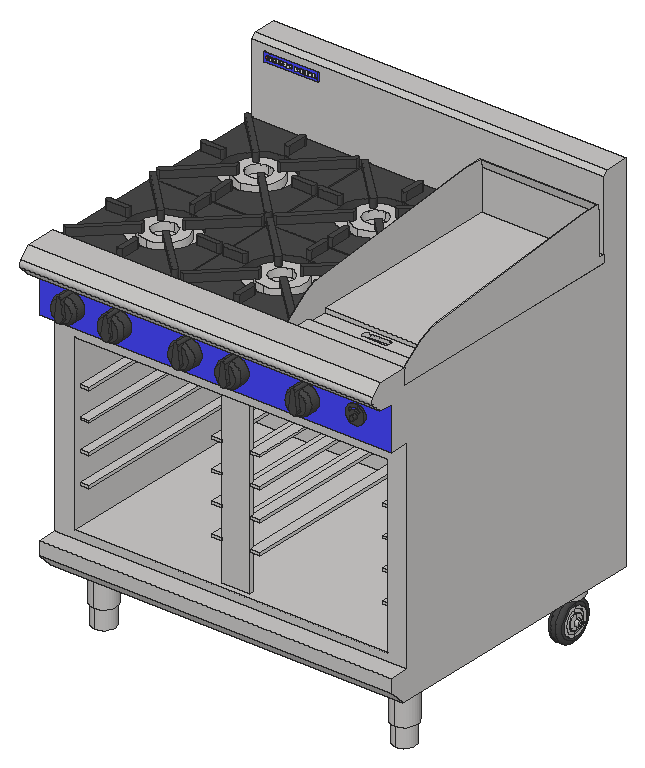
Revit family "QF_MOFFAT_BLUESEAL_CE_G516C-CB", category Specialty Equipment, Revit 2012 (continued)
Definition of nested family "GAS BURNER 600 & GRIDDLE 300"
  Definition of nested family "GAS BURNER 600"
    Forms (mm)
      Extrusion 2, solid, material "QF_Finishes_Black"
        sketch origin (0, 0, 19.5) x (0, -1, 0) y (1, 0, 0)
          loop
            spline (22.602, 15.153) -> (21.681, 13.924) -> (21.131, 12.47) -> (20.99, 10.89) -> (21.267, 9.292) -> (21.943, 7.786) -> (22.973, 6.473) -> (24.286, 5.443) -> (25.792, 4.767) -> (27.39, 4.49) -> (28.97, 4.631) -> (30.424, 5.181) -> (31.653, 6.102)
            line (31.653, 6.102) -> (139.576, 114.025)
            spline (139.576, 114.025) -> (140.337, 115.095) -> (140.738, 116.399) -> (140.751, 117.851) -> (140.375, 119.35) -> (139.637, 120.795) -> (138.586, 122.086) -> (137.295, 123.137) -> (135.85, 123.875) -> (134.351, 124.251) -> (132.899, 124.238) -> (131.595, 123.837) -> (130.525, 123.076)
            line (130.525, 123.076) -> (22.602, 15.153)
          loop
            spline (25.398, 156.4) -> (24.104, 156.182) -> (22.898, 155.543) -> (21.862, 154.525) -> (21.068, 153.2) -> (20.568, 151.656) -> (20.398, 150) -> (20.568, 148.344) -> (21.068, 146.8) -> (21.862, 145.475) -> (22.898, 144.457) -> (24.104, 143.818) -> (25.398, 143.6)
            line (25.398, 143.6) -> (74.602, 143.6)
            spline (74.602, 143.6) -> (75.896, 143.818) -> (77.102, 144.457) -> (78.138, 145.475) -> (78.932, 146.8) -> (79.432, 148.344) -> (79.602, 150) -> (79.432, 151.656) -> (78.932, 153.2) -> (78.138, 154.525) -> (77.102, 155.543) -> (75.896, 156.182) -> (74.602, 156.4)
            line (74.602, 156.4) -> (25.398, 156.4)
          loop
            spline (31.653, 293.898) -> (30.584, 294.659) -> (29.279, 295.059) -> (27.828, 295.072) -> (26.329, 294.697) -> (24.884, 293.959) -> (23.592, 292.908) -> (22.541, 291.616) -> (21.803, 290.171) -> (21.428, 288.672) -> (21.441, 287.221) -> (21.841, 285.916) -> (22.602, 284.847)
            line (22.602, 284.847) -> (130.525, 176.924)
            spline (130.525, 176.924) -> (131.595, 176.163) -> (132.899, 175.762) -> (134.351, 175.749) -> (135.85, 176.125) -> (137.295, 176.863) -> (138.586, 177.914) -> (139.637, 179.205) -> (140.375, 180.65) -> (140.751, 182.149) -> (140.738, 183.601) -> (140.337, 184.905) -> (139.576, 185.975)
            line (139.576, 185.975) -> (31.653, 293.898)
          loop
            line (160.1, 291.102) -> (160.1, 241.898)
            spline (160.1, 241.898) -> (160.318, 240.604) -> (160.957, 239.398) -> (161.975, 238.362) -> (163.3, 237.568) -> (164.844, 237.068) -> (166.5, 236.898) -> (168.156, 237.068) -> (169.7, 237.568) -> (171.025, 238.362) -> (172.043, 239.398) -> (172.682, 240.604) -> (172.9, 241.898)
            line (172.9, 241.898) -> (172.9, 291.102)
            spline (172.9, 291.102) -> (172.682, 292.396) -> (172.043, 293.602) -> (171.025, 294.638) -> (169.7, 295.432) -> (168.156, 295.932) -> (166.5, 296.102) -> (164.844, 295.932) -> (163.3, 295.432) -> (161.975, 294.638) -> (160.957, 293.602) -> (160.318, 292.396) -> (160.1, 291.102)
          loop
            spline (313.898, 284.847) -> (314.659, 285.916) -> (315.059, 287.221) -> (315.072, 288.672) -> (314.697, 290.171) -> (313.959, 291.616) -> (312.908, 292.908) -> (311.616, 293.959) -> (310.171, 294.697) -> (308.672, 295.072) -> (307.221, 295.059) -> (305.916, 294.659) -> (304.847, 293.898)
            line (304.847, 293.898) -> (193.424, 185.975)
            spline (193.424, 185.975) -> (192.663, 184.905) -> (192.262, 183.601) -> (192.249, 182.149) -> (192.625, 180.65) -> (193.363, 179.205) -> (194.414, 177.914) -> (195.705, 176.863) -> (197.15, 176.125) -> (198.649, 175.749) -> (200.101, 175.762) -> (201.405, 176.163) -> (202.475, 176.924)
            line (202.475, 176.924) -> (313.898, 284.847)
          loop
            spline (311.102, 143.6) -> (312.396, 143.818) -> (313.602, 144.457) -> (314.638, 145.475) -> (315.432, 146.8) -> (315.932, 148.344) -> (316.102, 150) -> (315.932, 151.656) -> (315.432, 153.2) -> (314.638, 154.525) -> (313.602, 155.543) -> (312.396, 156.182) -> (311.102, 156.4)
            line (311.102, 156.4) -> (261.898, 156.4)
            spline (261.898, 156.4) -> (260.604, 156.182) -> (259.398, 155.543) -> (258.362, 154.525) -> (257.568, 153.2) -> (257.068, 151.656) -> (256.898, 150) -> (257.068, 148.344) -> (257.568, 146.8) -> (258.362, 145.475) -> (259.398, 144.457) -> (260.604, 143.818) -> (261.898, 143.6)
            line (261.898, 143.6) -> (311.102, 143.6)
          loop
            line (313.898, 15.153) -> (202.475, 123.076)
            spline (202.475, 123.076) -> (201.405, 123.837) -> (200.101, 124.238) -> (198.649, 124.251) -> (197.15, 123.875) -> (195.705, 123.137) -> (194.414, 122.086) -> (193.363, 120.795) -> (192.625, 119.35) -> (192.249, 117.851) -> (192.262, 116.399) -> (192.663, 115.095) -> (193.424, 114.025)
            line (193.424, 114.025) -> (304.847, 6.102)
            spline (304.847, 6.102) -> (305.916, 5.341) -> (307.221, 4.941) -> (308.672, 4.928) -> (310.171, 5.303) -> (311.616, 6.041) -> (312.908, 7.092) -> (313.959, 8.384) -> (314.697, 9.829) -> (315.072, 11.328) -> (315.059, 12.779) -> (314.659, 14.084) -> (313.898, 15.153)
          loop
            line (172.9, 8.898) -> (172.9, 58.102)
            spline (172.9, 58.102) -> (172.682, 59.396) -> (172.043, 60.602) -> (171.025, 61.638) -> (169.7, 62.432) -> (168.156, 62.932) -> (166.5, 63.102) -> (164.844, 62.932) -> (163.3, 62.432) -> (161.975, 61.638) -> (160.957, 60.602) -> (160.318, 59.396) -> (160.1, 58.102)
            line (160.1, 58.102) -> (160.1, 8.898)
            spline (160.1, 8.898) -> (160.318, 7.604) -> (160.957, 6.398) -> (161.975, 5.362) -> (163.3, 4.568) -> (164.844, 4.068) -> (166.5, 3.898) -> (168.156, 4.068) -> (169.7, 4.568) -> (171.025, 5.362) -> (172.043, 6.398) -> (172.682, 7.604) -> (172.9, 8.898)
        from 0 to 20.5
      Extrusion 3, solid, material "QF_Finishes_Stainless Steel"
        sketch origin (0, -15.098, 0) x (0, -1, 0) y (1, 0, 0)
          loop
            circle (151.402, 150) r 57
          loop
            circle (451.402, 150) r 57
          loop
            circle (151.402, 150) r 30
          loop
            circle (451.402, 150) r 30
        from 0 to 20
      Extrusion 4, solid, material "QF_Finishes_Black"
        sketch origin (600, 0, 0) x (0, -1, 0) y (1, 0, 0)
          loop
            arc (318.5, -4) -> (317.621, -1.879) -> (315.5, -1) r 3
            line (315.5, -1) -> (3, -1)
            arc (3, -1) -> (0.879, -1.879) -> (0, -4) r 3
            line (0, -4) -> (0, -296)
            arc (0, -296) -> (0.879, -298.121) -> (3, -299) r 3
            line (3, -299) -> (315.5, -299)
            arc (315.5, -299) -> (317.621, -298.121) -> (318.5, -296) r 3
            line (318.5, -296) -> (318.5, -4)
          loop
            arc (324.5, -1) -> (322.379, -1.879) -> (321.5, -4) r 3
            line (321.5, -4) -> (321.5, -296)
            arc (321.5, -296) -> (322.379, -298.121) -> (324.5, -299) r 3
            line (324.5, -299) -> (632, -299)
            arc (632, -299) -> (634.121, -298.121) -> (635, -296) r 3
            line (635, -296) -> (635, -4)
            arc (635, -4) -> (634.121, -1.879) -> (632, -1) r 3
            line (632, -1) -> (324.5, -1)
          loop
            circle (168.5, -149.991) r 84.082
          loop
            circle (468.5, -149.991) r 84.082
        from 0 to 19.5
      Extrusion 5, solid, material "QF_Finishes_Black"
        sketch origin (600, 0, 19.5) x (0, -1, 0) y (1, 0, 0)
          loop
            line (326.102, -15.153) -> (434.025, -123.076)
            spline (434.025, -123.076) -> (435.095, -123.837) -> (436.399, -124.238) -> (437.851, -124.251) -> (439.35, -123.875) -> (440.795, -123.137) -> (442.086, -122.086) -> (443.137, -120.795) -> (443.875, -119.35) -> (444.251, -117.851) -> (444.238, -116.399) -> (443.837, -115.095) -> (443.076, -114.025)
            line (443.076, -114.025) -> (335.153, -6.102)
            spline (335.153, -6.102) -> (333.924, -5.181) -> (332.47, -4.631) -> (330.89, -4.49) -> (329.292, -4.767) -> (327.786, -5.443) -> (326.473, -6.473) -> (325.443, -7.786) -> (324.767, -9.292) -> (324.49, -10.89) -> (324.631, -12.47) -> (325.181, -13.924) -> (326.102, -15.153)
          loop
            line (328.898, -156.4) -> (378.102, -156.4)
            spline (378.102, -156.4) -> (379.396, -156.182) -> (380.602, -155.543) -> (381.638, -154.525) -> (382.432, -153.2) -> (382.932, -151.656) -> (383.102, -150) -> (382.932, -148.344) -> (382.432, -146.8) -> (381.638, -145.475) -> (380.602, -144.457) -> (379.396, -143.818) -> (378.102, -143.6)
            line (378.102, -143.6) -> (328.898, -143.6)
            spline (328.898, -143.6) -> (327.604, -143.818) -> (326.398, -144.457) -> (325.362, -145.475) -> (324.568, -146.8) -> (324.068, -148.344) -> (323.898, -150) -> (324.068, -151.656) -> (324.568, -153.2) -> (325.362, -154.525) -> (326.398, -155.543) -> (327.604, -156.182) -> (328.898, -156.4)
          loop
            line (335.153, -293.898) -> (443.076, -185.975)
            spline (443.076, -185.975) -> (443.837, -184.905) -> (444.238, -183.601) -> (444.251, -182.149) -> (443.875, -180.65) -> (443.137, -179.205) -> (442.086, -177.914) -> (440.795, -176.863) -> (439.35, -176.125) -> (437.851, -175.749) -> (436.399, -175.762) -> (435.095, -176.163) -> (434.025, -176.924)
            line (434.025, -176.924) -> (326.102, -284.847)
            spline (326.102, -284.847) -> (325.341, -285.916) -> (324.941, -287.221) -> (324.928, -288.672) -> (325.303, -290.171) -> (326.041, -291.616) -> (327.092, -292.908) -> (328.384, -293.959) -> (329.829, -294.697) -> (331.328, -295.072) -> (332.779, -295.059) -> (334.084, -294.659) -> (335.153, -293.898)
          loop
            spline (463.6, -291.102) -> (463.818, -292.396) -> (464.457, -293.602) -> (465.475, -294.638) -> (466.8, -295.432) -> (468.344, -295.932) -> (470, -296.102) -> (471.656, -295.932) -> (473.2, -295.432) -> (474.525, -294.638) -> (475.543, -293.602) -> (476.182, -292.396) -> (476.4, -291.102)
            line (476.4, -291.102) -> (476.4, -241.898)
            spline (476.4, -241.898) -> (476.182, -240.604) -> (475.543, -239.398) -> (474.525, -238.362) -> (473.2, -237.568) -> (471.656, -237.068) -> (470, -236.898) -> (468.344, -237.068) -> (466.8, -237.568) -> (465.475, -238.362) -> (464.457, -239.398) -> (463.818, -240.604) -> (463.6, -241.898)
            line (463.6, -241.898) -> (463.6, -291.102)
          loop
            line (612.398, -284.847) -> (505.975, -176.924)
            spline (505.975, -176.924) -> (504.905, -176.163) -> (503.601, -175.762) -> (502.149, -175.749) -> (500.65, -176.125) -> (499.205, -176.863) -> (497.914, -177.914) -> (496.863, -179.205) -> (496.125, -180.65) -> (495.749, -182.149) -> (495.762, -183.601) -> (496.163, -184.905) -> (496.924, -185.975)
            line (496.924, -185.975) -> (603.347, -293.898)
            spline (603.347, -293.898) -> (604.416, -294.659) -> (605.721, -295.059) -> (607.172, -295.072) -> (608.671, -294.697) -> (610.116, -293.959) -> (611.408, -292.908) -> (612.459, -291.616) -> (613.197, -290.171) -> (613.572, -288.672) -> (613.559, -287.221) -> (613.159, -285.916) -> (612.398, -284.847)
          loop
            line (609.602, -143.6) -> (561.898, -143.6)
            spline (561.898, -143.6) -> (560.604, -143.818) -> (559.398, -144.457) -> (558.362, -145.475) -> (557.568, -146.8) -> (557.068, -148.344) -> (556.898, -150) -> (557.068, -151.656) -> (557.568, -153.2) -> (558.362, -154.525) -> (559.398, -155.543) -> (560.604, -156.182) -> (561.898, -156.4)
            line (561.898, -156.4) -> (609.602, -156.4)
            spline (609.602, -156.4) -> (610.896, -156.182) -> (612.102, -155.543) -> (613.138, -154.525) -> (613.932, -153.2) -> (614.432, -151.656) -> (614.602, -150) -> (614.432, -148.344) -> (613.932, -146.8) -> (613.138, -145.475) -> (612.102, -144.457) -> (610.896, -143.818) -> (609.602, -143.6)
          loop
            spline (612.398, -15.153) -> (613.159, -14.084) -> (613.559, -12.779) -> (613.572, -11.328) -> (613.197, -9.829) -> (612.459, -8.384) -> (611.408, -7.092) -> (610.116, -6.041) -> (608.671, -5.303) -> (607.172, -4.928) -> (605.721, -4.941) -> (604.416, -5.341) -> (603.347, -6.102)
            line (603.347, -6.102) -> (496.924, -114.025)
            spline (496.924, -114.025) -> (496.163, -115.095) -> (495.762, -116.399) -> (495.749, -117.851) -> (496.125, -119.35) -> (496.863, -120.795) -> (497.914, -122.086) -> (499.205, -123.137) -> (500.65, -123.875) -> (502.149, -124.251) -> (503.601, -124.238) -> (504.905, -123.837) -> (505.975, -123.076)
            line (505.975, -123.076) -> (612.398, -15.153)
          loop
            spline (476.4, -8.898) -> (476.182, -7.604) -> (475.543, -6.398) -> (474.525, -5.362) -> (473.2, -4.568) -> (471.656, -4.068) -> (470, -3.898) -> (468.344, -4.068) -> (466.8, -4.568) -> (465.475, -5.362) -> (464.457, -6.398) -> (463.818, -7.604) -> (463.6, -8.898)
            line (463.6, -8.898) -> (463.6, -58.102)
            spline (463.6, -58.102) -> (463.818, -59.396) -> (464.457, -60.602) -> (465.475, -61.638) -> (466.8, -62.432) -> (468.344, -62.932) -> (470, -63.102) -> (471.656, -62.932) -> (473.2, -62.432) -> (474.525, -61.638) -> (475.543, -60.602) -> (476.182, -59.396) -> (476.4, -58.102)
            line (476.4, -58.102) -> (476.4, -8.898)
          loop
            line (22.602, -15.153) -> (130.525, -123.076)
            spline (130.525, -123.076) -> (131.595, -123.837) -> (132.899, -124.238) -> (134.351, -124.251) -> (135.85, -123.875) -> (137.295, -123.137) -> (138.586, -122.086) -> (139.637, -120.795) -> (140.375, -119.35) -> (140.751, -117.851) -> (140.738, -116.399) -> (140.337, -115.095) -> (139.576, -114.025)
            line (139.576, -114.025) -> (31.653, -6.102)
            spline (31.653, -6.102) -> (30.424, -5.181) -> (28.97, -4.631) -> (27.39, -4.49) -> (25.792, -4.767) -> (24.286, -5.443) -> (22.973, -6.473) -> (21.943, -7.786) -> (21.267, -9.292) -> (20.99, -10.89) -> (21.131, -12.47) -> (21.681, -13.924) -> (22.602, -15.153)
          loop
            line (25.398, -156.4) -> (74.602, -156.4)
            spline (74.602, -156.4) -> (75.896, -156.182) -> (77.102, -155.543) -> (78.138, -154.525) -> (78.932, -153.2) -> (79.432, -151.656) -> (79.602, -150) -> (79.432, -148.344) -> (78.932, -146.8) -> (78.138, -145.475) -> (77.102, -144.457) -> (75.896, -143.818) -> (74.602, -143.6)
            line (74.602, -143.6) -> (25.398, -143.6)
            spline (25.398, -143.6) -> (24.104, -143.818) -> (22.898, -144.457) -> (21.862, -145.475) -> (21.068, -146.8) -> (20.568, -148.344) -> (20.398, -150) -> (20.568, -151.656) -> (21.068, -153.2) -> (21.862, -154.525) -> (22.898, -155.543) -> (24.104, -156.182) -> (25.398, -156.4)
          loop
            line (31.653, -293.898) -> (139.576, -185.975)
            spline (139.576, -185.975) -> (140.337, -184.905) -> (140.738, -183.601) -> (140.751, -182.149) -> (140.375, -180.65) -> (139.637, -179.205) -> (138.586, -177.914) -> (137.295, -176.863) -> (135.85, -176.125) -> (134.351, -175.749) -> (132.899, -175.762) -> (131.595, -176.163) -> (130.525, -176.924)
            line (130.525, -176.924) -> (22.602, -284.847)
            spline (22.602, -284.847) -> (21.841, -285.916) -> (21.441, -287.221) -> (21.428, -288.672) -> (21.803, -290.171) -> (22.541, -291.616) -> (23.592, -292.908) -> (24.884, -293.959) -> (26.329, -294.697) -> (27.828, -295.072) -> (29.279, -295.059) -> (30.584, -294.659) -> (31.653, -293.898)
          loop
            spline (160.1, -291.102) -> (160.318, -292.396) -> (160.957, -293.602) -> (161.975, -294.638) -> (163.3, -295.432) -> (164.844, -295.932) -> (166.5, -296.102) -> (168.156, -295.932) -> (169.7, -295.432) -> (171.025, -294.638) -> (172.043, -293.602) -> (172.682, -292.396) -> (172.9, -291.102)
            line (172.9, -291.102) -> (172.9, -241.898)
            spline (172.9, -241.898) -> (172.682, -240.604) -> (172.043, -239.398) -> (171.025, -238.362) -> (169.7, -237.568) -> (168.156, -237.068) -> (166.5, -236.898) -> (164.844, -237.068) -> (163.3, -237.568) -> (161.975, -238.362) -> (160.957, -239.398) -> (160.318, -240.604) -> (160.1, -241.898)
            line (160.1, -241.898) -> (160.1, -291.102)
          loop
            line (313.898, -284.847) -> (202.475, -176.924)
            spline (202.475, -176.924) -> (201.405, -176.163) -> (200.101, -175.762) -> (198.649, -175.749) -> (197.15, -176.125) -> (195.705, -176.863) -> (194.414, -177.914) -> (193.363, -179.205) -> (192.625, -180.65) -> (192.249, -182.149) -> (192.262, -183.601) -> (192.663, -184.905) -> (193.424, -185.975)
            line (193.424, -185.975) -> (304.847, -293.898)
            spline (304.847, -293.898) -> (305.916, -294.659) -> (307.221, -295.059) -> (308.672, -295.072) -> (310.171, -294.697) -> (311.616, -293.959) -> (312.908, -292.908) -> (313.959, -291.616) -> (314.697, -290.171) -> (315.072, -288.672) -> (315.059, -287.221) -> (314.659, -285.916) -> (313.898, -284.847)
          loop
            line (311.102, -143.6) -> (261.898, -143.6)
            spline (261.898, -143.6) -> (260.604, -143.818) -> (259.398, -144.457) -> (258.362, -145.475) -> (257.568, -146.8) -> (257.068, -148.344) -> (256.898, -150) -> (257.068, -151.656) -> (257.568, -153.2) -> (258.362, -154.525) -> (259.398, -155.543) -> (260.604, -156.182) -> (261.898, -156.4)
            line (261.898, -156.4) -> (311.102, -156.4)
            spline (311.102, -156.4) -> (312.396, -156.182) -> (313.602, -155.543) -> (314.638, -154.525) -> (315.432, -153.2) -> (315.932, -151.656) -> (316.102, -150) -> (315.932, -148.344) -> (315.432, -146.8) -> (314.638, -145.475) -> (313.602, -144.457) -> (312.396, -143.818) -> (311.102, -143.6)
          loop
            spline (313.898, -15.153) -> (314.659, -14.084) -> (315.059, -12.779) -> (315.072, -11.328) -> (314.697, -9.829) -> (313.959, -8.384) -> (312.908, -7.092) -> (311.616, -6.041) -> (310.171, -5.303) -> (308.672, -4.928) -> (307.221, -4.941) -> (305.916, -5.341) -> (304.847, -6.102)
            line (304.847, -6.102) -> (193.424, -114.025)
            spline (193.424, -114.025) -> (192.663, -115.095) -> (192.262, -116.399) -> (192.249, -117.851) -> (192.625, -119.35) -> (193.363, -120.795) -> (194.414, -122.086) -> (195.705, -123.137) -> (197.15, -123.875) -> (198.649, -124.251) -> (200.101, -124.238) -> (201.405, -123.837) -> (202.475, -123.076)
            line (202.475, -123.076) -> (313.898, -15.153)
          loop
            spline (172.9, -8.898) -> (172.682, -7.604) -> (172.043, -6.398) -> (171.025, -5.362) -> (169.7, -4.568) -> (168.156, -4.068) -> (166.5, -3.898) -> (164.844, -4.068) -> (163.3, -4.568) -> (161.975, -5.362) -> (160.957, -6.398) -> (160.318, -7.604) -> (160.1, -8.898)
            line (160.1, -8.898) -> (160.1, -58.102)
            spline (160.1, -58.102) -> (160.318, -59.396) -> (160.957, -60.602) -> (161.975, -61.638) -> (163.3, -62.432) -> (164.844, -62.932) -> (166.5, -63.102) -> (168.156, -62.932) -> (169.7, -62.432) -> (171.025, -61.638) -> (172.043, -60.602) -> (172.682, -59.396) -> (172.9, -58.102)
            line (172.9, -58.102) -> (172.9, -8.898)
        from 0 to 20.5
      Extrusion 6, solid, material "QF_Finishes_Stainless Steel"
        sketch origin (600, -15.098, 0) x (0, -1, 0) y (1, 0, 0)
          loop
            circle (151.402, -150) r 57
          loop
            circle (451.402, -150) r 57
          loop
            circle (151.402, -150) r 30
          loop
            circle (451.402, -150) r 30
        from 0 to 20
    Lines and regions (mm)
      symbolic lines
        curve 1: line (284.847, -22.602, 0) -> (176.924, -130.525, 0)
        curve 2: spline (176.924, -130.525, 0) -> (176.163, -131.595, 0) -> (175.762, -132.899, 0) -> (175.749, -134.351, 0) -> (176.125, -135.85, 0) -> (176.863, -137.295, 0) -> (177.914, -138.586, 0) -> (179.205, -139.637, 0) -> (180.65, -140.375, 0) -> (182.149, -140.751, 0) -> (183.601, -140.738, 0) -> (184.905, -140.337, 0) -> (185.975, -139.576, 0)
        curve 3: line (185.975, -139.576, 0) -> (293.898, -31.653, 0)
        curve 4: spline (293.898, -31.653, 0) -> (294.659, -30.584, 0) -> (295.059, -29.279, 0) -> (295.072, -27.828, 0) -> (294.697, -26.329, 0) -> (293.959, -24.884, 0) -> (292.908, -23.592, 0) -> (291.616, -22.541, 0) -> (290.171, -21.803, 0) -> (288.672, -21.428, 0) -> (287.221, -21.441, 0) -> (285.916, -21.841, 0) -> (284.847, -22.602, 0)
        curve 5: line (291.102, -160.1, 0) -> (241.898, -160.1, 0)
        curve 6: spline (241.898, -160.1, 0) -> (240.604, -160.318, 0) -> (239.398, -160.957, 0) -> (238.362, -161.975, 0) -> (237.568, -163.3, 0) -> (237.068, -164.844, 0) -> (236.898, -166.5, 0) -> (237.068, -168.156, 0) -> (237.568, -169.7, 0) -> (238.362, -171.025, 0) -> (239.398, -172.043, 0) -> (240.604, -172.682, 0) -> (241.898, -172.9, 0)
        curve 7: line (241.898, -172.9, 0) -> (291.102, -172.9, 0)
        curve 8: spline (291.102, -172.9, 0) -> (292.396, -172.682, 0) -> (293.602, -172.043, 0) -> (294.638, -171.025, 0) -> (295.432, -169.7, 0) -> (295.932, -168.156, 0) -> (296.102, -166.5, 0) -> (295.932, -164.844, 0) -> (295.432, -163.3, 0) -> (294.638, -161.975, 0) -> (293.602, -160.957, 0) -> (292.396, -160.318, 0) -> (291.102, -160.1, 0)
        curve 9: line (306.102, -31.653, 0) -> (414.025, -139.576, 0)
        curve 10: spline (414.025, -139.576, 0) -> (415.095, -140.337, 0) -> (416.399, -140.738, 0) -> (417.851, -140.751, 0) -> (419.35, -140.375, 0) -> (420.795, -139.637, 0) -> (422.086, -138.586, 0) -> (423.137, -137.295, 0) -> (423.875, -135.85, 0) -> (424.251, -134.351, 0) -> (424.238, -132.899, 0) -> (423.837, -131.595, 0) -> (423.076, -130.525, 0)
        curve 11: line (423.076, -130.525, 0) -> (315.153, -22.602, 0)
        curve 12: spline (315.153, -22.602, 0) -> (314.084, -21.841, 0) -> (312.779, -21.441, 0) -> (311.328, -21.428, 0) -> (309.829, -21.803, 0) -> (308.384, -22.541, 0) -> (307.092, -23.592, 0) -> (306.041, -24.884, 0) -> (305.303, -26.329, 0) -> (304.928, -27.828, 0) -> (304.941, -29.279, 0) -> (305.341, -30.584, 0) -> (306.102, -31.653, 0)
        curve 13: line (443.6, -25.398, 0) -> (443.6, -74.602, 0)
        curve 14: spline (443.6, -74.602, 0) -> (443.818, -75.896, 0) -> (444.457, -77.102, 0) -> (445.475, -78.138, 0) -> (446.8, -78.932, 0) -> (448.344, -79.432, 0) -> (450, -79.602, 0) -> (451.656, -79.432, 0) -> (453.2, -78.932, 0) -> (454.525, -78.138, 0) -> (455.543, -77.102, 0) -> (456.182, -75.896, 0) -> (456.4, -74.602, 0)
        curve 15: line (456.4, -74.602, 0) -> (456.4, -25.398, 0)
        curve 16: spline (456.4, -25.398, 0) -> (456.182, -24.104, 0) -> (455.543, -22.898, 0) -> (454.525, -21.862, 0) -> (453.2, -21.068, 0) -> (451.656, -20.568, 0) -> (450, -20.398, 0) -> (448.344, -20.568, 0) -> (446.8, -21.068, 0) -> (445.475, -21.862, 0) -> (444.457, -22.898, 0) -> (443.818, -24.104, 0) -> (443.6, -25.398, 0)
        curve 17: line (584.847, -22.602, 0) -> (476.924, -130.525, 0)
        curve 18: spline (476.924, -130.525, 0) -> (476.163, -131.595, 0) -> (475.762, -132.899, 0) -> (475.749, -134.351, 0) -> (476.125, -135.85, 0) -> (476.863, -137.295, 0) -> (477.914, -138.586, 0) -> (479.205, -139.637, 0) -> (480.65, -140.375, 0) -> (482.149, -140.751, 0) -> (483.601, -140.738, 0) -> (484.905, -140.337, 0) -> (485.975, -139.576, 0)
        curve 19: line (485.975, -139.576, 0) -> (593.898, -31.653, 0)
        curve 20: spline (593.898, -31.653, 0) -> (594.819, -30.424, 0) -> (595.369, -28.97, 0) -> (595.51, -27.39, 0) -> (595.233, -25.792, 0) -> (594.557, -24.286, 0) -> (593.527, -22.973, 0) -> (592.214, -21.943, 0) -> (590.708, -21.267, 0) -> (589.11, -20.99, 0) -> (587.53, -21.131, 0) -> (586.076, -21.681, 0) -> (584.847, -22.602, 0)
        curve 21: line (591.102, -160.1, 0) -> (541.898, -160.1, 0)
        curve 22: spline (541.898, -160.1, 0) -> (540.604, -160.318, 0) -> (539.398, -160.957, 0) -> (538.362, -161.975, 0) -> (537.568, -163.3, 0) -> (537.068, -164.844, 0) -> (536.898, -166.5, 0) -> (537.068, -168.156, 0) -> (537.568, -169.7, 0) -> (538.362, -171.025, 0) -> (539.398, -172.043, 0) -> (540.604, -172.682, 0) -> (541.898, -172.9, 0)
        curve 23: line (541.898, -172.9, 0) -> (591.102, -172.9, 0)
        curve 24: spline (591.102, -172.9, 0) -> (592.396, -172.682, 0) -> (593.602, -172.043, 0) -> (594.638, -171.025, 0) -> (595.432, -169.7, 0) -> (595.932, -168.156, 0) -> (596.102, -166.5, 0) -> (595.932, -164.844, 0) -> (595.432, -163.3, 0) -> (594.638, -161.975, 0) -> (593.602, -160.957, 0) -> (592.396, -160.318, 0) -> (591.102, -160.1, 0)
        curve 25: line (593.898, -304.847, 0) -> (485.975, -193.424, 0)
        curve 26: spline (485.975, -193.424, 0) -> (484.905, -192.663, 0) -> (483.601, -192.262, 0) -> (482.149, -192.249, 0) -> (480.65, -192.625, 0) -> (479.205, -193.363, 0) -> (477.914, -194.414, 0) -> (476.863, -195.705, 0) -> (476.125, -197.15, 0) -> (475.749, -198.649, 0) -> (475.762, -200.101, 0) -> (476.163, -201.405, 0) -> (476.924, -202.475, 0)
        curve 27: line (476.924, -202.475, 0) -> (584.847, -313.898, 0)
        curve 28: spline (584.847, -313.898, 0) -> (585.916, -314.659, 0) -> (587.221, -315.059, 0) -> (588.672, -315.072, 0) -> (590.171, -314.697, 0) -> (591.616, -313.959, 0) -> (592.908, -312.908, 0) -> (593.959, -311.616, 0) -> (594.697, -310.171, 0) -> (595.072, -308.672, 0) -> (595.059, -307.221, 0) -> (594.659, -305.916, 0) -> (593.898, -304.847, 0)
        curve 29: arc (450, -223.5, 0) -> (468.725, -220.336, 0) -> (485.372, -211.197, 0) r 57
        curve 30: arc (450, -109.5, 0) -> (431.183, -112.696, 0) -> (414.475, -121.924, 0) r 57
        curve 31: arc (450.009, -84.418, 0) -> (478.534, -89.404, 0) -> (503.676, -103.773, 0) r 84.082
        curve 32: arc (450.009, -252.582, 0) -> (420.453, -247.216, 0) -> (394.669, -231.803, 0) r 84.082
        curve 33: arc (450, -136.5, 0) -> (480, -166.5, 0) -> (450, -196.5, 0) r 30
        curve 34: arc (450, -196.5, 0) -> (420, -166.5, 0) -> (450, -136.5, 0) r 30
        curve 35: arc (150, -223.5, 0) -> (168.725, -220.336, 0) -> (185.372, -211.197, 0) r 57
        curve 36: arc (150, -109.5, 0) -> (131.183, -112.696, 0) -> (114.475, -121.924, 0) r 57
        curve 37: arc (149.991, -84.418, 0) -> (178.523, -89.406, 0) -> (203.668, -103.781, 0) r 84.082
        curve 38: arc (149.991, -252.582, 0) -> (120.441, -247.219, 0) -> (94.661, -231.812, 0) r 84.082
        curve 39: line (156.4, -74.602, 0) -> (156.4, -25.398, 0)
        curve 40: spline (156.4, -25.398, 0) -> (156.182, -24.104, 0) -> (155.543, -22.898, 0) -> (154.525, -21.862, 0) -> (153.2, -21.068, 0) -> (151.656, -20.568, 0) -> (150, -20.398, 0) -> (148.344, -20.568, 0) -> (146.8, -21.068, 0) -> (145.475, -21.862, 0) -> (144.457, -22.898, 0) -> (143.818, -24.104, 0) -> (143.6, -25.398, 0)
        curve 41: line (143.6, -25.398, 0) -> (143.6, -74.602, 0)
        curve 42: spline (143.6, -74.602, 0) -> (143.818, -75.896, 0) -> (144.457, -77.102, 0) -> (145.475, -78.138, 0) -> (146.8, -78.932, 0) -> (148.344, -79.432, 0) -> (150, -79.602, 0) -> (151.656, -79.432, 0) -> (153.2, -78.932, 0) -> (154.525, -78.138, 0) -> (155.543, -77.102, 0) -> (156.182, -75.896, 0) -> (156.4, -74.602, 0)
        curve 43: line (358.102, -160.1, 0) -> (308.898, -160.1, 0)
        curve 44: spline (308.898, -160.1, 0) -> (307.604, -160.318, 0) -> (306.398, -160.957, 0) -> (305.362, -161.975, 0) -> (304.568, -163.3, 0) -> (304.068, -164.844, 0) -> (303.898, -166.5, 0) -> (304.068, -168.156, 0) -> (304.568, -169.7, 0) -> (305.362, -171.025, 0) -> (306.398, -172.043, 0) -> (307.604, -172.682, 0) -> (308.898, -172.9, 0)
        curve 45: line (308.898, -172.9, 0) -> (358.102, -172.9, 0)
        curve 46: spline (358.102, -172.9, 0) -> (359.396, -172.682, 0) -> (360.602, -172.043, 0) -> (361.638, -171.025, 0) -> (362.432, -169.7, 0) -> (362.932, -168.156, 0) -> (363.102, -166.5, 0) -> (362.932, -164.844, 0) -> (362.432, -163.3, 0) -> (361.638, -161.975, 0) -> (360.602, -160.957, 0) -> (359.396, -160.318, 0) -> (358.102, -160.1, 0)
        curve 47: line (414.025, -193.424, 0) -> (306.102, -304.847, 0)
        curve 48: spline (306.102, -304.847, 0) -> (305.341, -305.916, 0) -> (304.941, -307.221, 0) -> (304.928, -308.672, 0) -> (305.303, -310.171, 0) -> (306.041, -311.616, 0) -> (307.092, -312.908, 0) -> (308.384, -313.959, 0) -> (309.829, -314.697, 0) -> (311.328, -315.072, 0) -> (312.779, -315.059, 0) -> (314.084, -314.659, 0) -> (315.153, -313.898, 0)
        curve 49: line (315.153, -313.898, 0) -> (423.076, -202.475, 0)
        curve 50: spline (423.076, -202.475, 0) -> (423.837, -201.405, 0) -> (424.238, -200.101, 0) -> (424.251, -198.649, 0) -> (423.875, -197.15, 0) -> (423.137, -195.705, 0) -> (422.086, -194.414, 0) -> (420.795, -193.363, 0) -> (419.35, -192.625, 0) -> (417.851, -192.249, 0) -> (416.399, -192.262, 0) -> (415.095, -192.663, 0) -> (414.025, -193.424, 0)
        curve 51: line (456.4, -311.102, 0) -> (456.4, -261.898, 0)
        curve 52: spline (456.4, -261.898, 0) -> (456.182, -260.604, 0) -> (455.543, -259.398, 0) -> (454.525, -258.362, 0) -> (453.2, -257.568, 0) -> (451.656, -257.068, 0) -> (450, -256.898, 0) -> (448.344, -257.068, 0) -> (446.8, -257.568, 0) -> (445.475, -258.362, 0) -> (444.457, -259.398, 0) -> (443.818, -260.604, 0) -> (443.6, -261.898, 0)
        curve 53: line (443.6, -261.898, 0) -> (443.6, -311.102, 0)
        curve 54: spline (443.6, -311.102, 0) -> (443.818, -312.396, 0) -> (444.457, -313.602, 0) -> (445.475, -314.638, 0) -> (446.8, -315.432, 0) -> (448.344, -315.932, 0) -> (450, -316.102, 0) -> (451.656, -315.932, 0) -> (453.2, -315.432, 0) -> (454.525, -314.638, 0) -> (455.543, -313.602, 0) -> (456.182, -312.396, 0) -> (456.4, -311.102, 0)
        curve 55: line (596, 0, 0) -> (304, 0, 0)
        curve 56: arc (304, 0, 0) -> (301.879, -0.879, 0) -> (301, -3, 0) r 3
        curve 57: line (301, -3, 0) -> (301, -315.5, 0)
        curve 58: arc (301, -315.5, 0) -> (301.879, -317.621, 0) -> (304, -318.5, 0) r 3
        curve 59: line (304, -318.5, 0) -> (596, -318.5, 0)
        curve 60: arc (596, -318.5, 0) -> (598.121, -317.621, 0) -> (599, -315.5, 0) r 3
        curve 61: line (599, -315.5, 0) -> (599, -3, 0)
        curve 62: arc (599, -3, 0) -> (598.121, -0.879, 0) -> (596, 0, 0) r 3
        curve 63: line (296, 0, 0) -> (4, 0, 0)
        curve 64: arc (4, 0, 0) -> (1.879, -0.879, 0) -> (1, -3, 0) r 3
        curve 65: line (1, -3, 0) -> (1, -315.5, 0)
        curve 66: arc (1, -315.5, 0) -> (1.879, -317.621, 0) -> (4, -318.5, 0) r 3
        curve 67: line (4, -318.5, 0) -> (296, -318.5, 0)
        curve 68: arc (296, -318.5, 0) -> (298.121, -317.621, 0) -> (299, -315.5, 0) r 3
        curve 69: line (299, -315.5, 0) -> (299, -3, 0)
        curve 70: arc (299, -3, 0) -> (298.121, -0.879, 0) -> (296, 0, 0) r 3
        curve 71: line (296, -321.5, 0) -> (4, -321.5, 0)
        curve 72: arc (4, -321.5, 0) -> (1.879, -322.379, 0) -> (1, -324.5, 0) r 3
        curve 73: line (1, -324.5, 0) -> (1, -632, 0)
        curve 74: arc (1, -632, 0) -> (1.879, -634.121, 0) -> (4, -635, 0) r 3
        curve 75: line (4, -635, 0) -> (296, -635, 0)
        curve 76: arc (296, -635, 0) -> (298.121, -634.121, 0) -> (299, -632, 0) r 3
        curve 77: line (299, -632, 0) -> (299, -324.5, 0)
        curve 78: arc (299, -324.5, 0) -> (298.121, -322.379, 0) -> (296, -321.5, 0) r 3
        curve 79: line (596, -321.5, 0) -> (304, -321.5, 0)
        curve 80: arc (304, -321.5, 0) -> (301.879, -322.379, 0) -> (301, -324.5, 0) r 3
        curve 81: line (301, -324.5, 0) -> (301, -632, 0)
        curve 82: arc (301, -632, 0) -> (301.879, -634.121, 0) -> (304, -635, 0) r 3
        curve 83: line (304, -635, 0) -> (596, -635, 0)
        curve 84: arc (596, -635, 0) -> (598.121, -634.121, 0) -> (599, -632, 0) r 3
        curve 85: line (599, -632, 0) -> (599, -324.5, 0)
        curve 86: arc (599, -324.5, 0) -> (598.121, -322.379, 0) -> (596, -321.5, 0) r 3
        curve 87: line (293.898, -304.847, 0) -> (185.975, -193.424, 0)
        curve 88: spline (185.975, -193.424, 0) -> (184.905, -192.663, 0) -> (183.601, -192.262, 0) -> (182.149, -192.249, 0) -> (180.65, -192.625, 0) -> (179.205, -193.363, 0) -> (177.914, -194.414, 0) -> (176.863, -195.705, 0) -> (176.125, -197.15, 0) -> (175.749, -198.649, 0) -> (175.762, -200.101, 0) -> (176.163, -201.405, 0) -> (176.924, -202.475, 0)
        curve 89: line (176.924, -202.475, 0) -> (284.847, -313.898, 0)
        curve 90: spline (284.847, -313.898, 0) -> (285.916, -314.659, 0) -> (287.221, -315.059, 0) -> (288.672, -315.072, 0) -> (290.171, -314.697, 0) -> (291.616, -313.959, 0) -> (292.908, -312.908, 0) -> (293.959, -311.616, 0) -> (294.697, -310.171, 0) -> (295.072, -308.672, 0) -> (295.059, -307.221, 0) -> (294.659, -305.916, 0) -> (293.898, -304.847, 0)
        curve 91: line (15.153, -313.898, 0) -> (123.076, -202.475, 0)
        curve 92: spline (123.076, -202.475, 0) -> (123.837, -201.405, 0) -> (124.238, -200.101, 0) -> (124.251, -198.649, 0) -> (123.875, -197.15, 0) -> (123.137, -195.705, 0) -> (122.086, -194.414, 0) -> (120.795, -193.363, 0) -> (119.35, -192.625, 0) -> (117.851, -192.249, 0) -> (116.399, -192.262, 0) -> (115.095, -192.663, 0) -> (114.025, -193.424, 0)
        curve 93: line (114.025, -193.424, 0) -> (6.102, -304.847, 0)
        curve 94: spline (6.102, -304.847, 0) -> (5.341, -305.916, 0) -> (4.941, -307.221, 0) -> (4.928, -308.672, 0) -> (5.303, -310.171, 0) -> (6.041, -311.616, 0) -> (7.092, -312.908, 0) -> (8.384, -313.959, 0) -> (9.829, -314.697, 0) -> (11.328, -315.072, 0) -> (12.779, -315.059, 0) -> (14.084, -314.659, 0) -> (15.153, -313.898, 0)
        curve 95: line (8.898, -172.9, 0) -> (58.102, -172.9, 0)
        curve 96: spline (58.102, -172.9, 0) -> (59.396, -172.682, 0) -> (60.602, -172.043, 0) -> (61.638, -171.025, 0) -> (62.432, -169.7, 0) -> (62.932, -168.156, 0) -> (63.102, -166.5, 0) -> (62.932, -164.844, 0) -> (62.432, -163.3, 0) -> (61.638, -161.975, 0) -> (60.602, -160.957, 0) -> (59.396, -160.318, 0) -> (58.102, -160.1, 0)
        curve 97: line (58.102, -160.1, 0) -> (8.898, -160.1, 0)
        curve 98: spline (8.898, -160.1, 0) -> (7.604, -160.318, 0) -> (6.398, -160.957, 0) -> (5.362, -161.975, 0) -> (4.568, -163.3, 0) -> (4.068, -164.844, 0) -> (3.898, -166.5, 0) -> (4.068, -168.156, 0) -> (4.568, -169.7, 0) -> (5.362, -171.025, 0) -> (6.398, -172.043, 0) -> (7.604, -172.682, 0) -> (8.898, -172.9, 0)
        curve 99: line (6.102, -31.653, 0) -> (114.025, -139.576, 0)
        curve 100: spline (114.025, -139.576, 0) -> (115.095, -140.337, 0) -> (116.399, -140.738, 0) -> (117.851, -140.751, 0) -> (119.35, -140.375, 0) -> (120.795, -139.637, 0) -> (122.086, -138.586, 0) -> (123.137, -137.295, 0) -> (123.875, -135.85, 0) -> (124.251, -134.351, 0) -> (124.238, -132.899, 0) -> (123.837, -131.595, 0) -> (123.076, -130.525, 0)
        curve 101: line (123.076, -130.525, 0) -> (15.153, -22.602, 0)
        curve 102: spline (15.153, -22.602, 0) -> (13.924, -21.681, 0) -> (12.47, -21.131, 0) -> (10.89, -20.99, 0) -> (9.292, -21.267, 0) -> (7.786, -21.943, 0) -> (6.473, -22.973, 0) -> (5.443, -24.286, 0) -> (4.767, -25.792, 0) -> (4.49, -27.39, 0) -> (4.631, -28.97, 0) -> (5.181, -30.424, 0) -> (6.102, -31.653, 0)
        curve 103: arc (150, -136.5, 0) -> (180, -166.5, 0) -> (150, -196.5, 0) r 30
        curve 104: arc (150, -196.5, 0) -> (120, -166.5, 0) -> (150, -136.5, 0) r 30
        curve 105: line (156.4, -311.102, 0) -> (156.4, -261.898, 0)
        curve 106: spline (156.4, -261.898, 0) -> (156.182, -260.604, 0) -> (155.543, -259.398, 0) -> (154.525, -258.362, 0) -> (153.2, -257.568, 0) -> (151.656, -257.068, 0) -> (150, -256.898, 0) -> (148.344, -257.068, 0) -> (146.8, -257.568, 0) -> (145.475, -258.362, 0) -> (144.457, -259.398, 0) -> (143.818, -260.604, 0) -> (143.6, -261.898, 0)
        curve 107: line (143.6, -261.898, 0) -> (143.6, -311.102, 0)
        curve 108: spline (143.6, -311.102, 0) -> (143.818, -312.396, 0) -> (144.457, -313.602, 0) -> (145.475, -314.638, 0) -> (146.8, -315.432, 0) -> (148.344, -315.932, 0) -> (150, -316.102, 0) -> (151.656, -315.932, 0) -> (153.2, -315.432, 0) -> (154.525, -314.638, 0) -> (155.543, -313.602, 0) -> (156.182, -312.396, 0) -> (156.4, -311.102, 0)
        curve 109: line (156.4, -378.102, 0) -> (156.4, -328.898, 0)
        curve 110: spline (156.4, -328.898, 0) -> (156.182, -327.604, 0) -> (155.543, -326.398, 0) -> (154.525, -325.362, 0) -> (153.2, -324.568, 0) -> (151.656, -324.068, 0) -> (150, -323.898, 0) -> (148.344, -324.068, 0) -> (146.8, -324.568, 0) -> (145.475, -325.362, 0) -> (144.457, -326.398, 0) -> (143.818, -327.604, 0) -> (143.6, -328.898, 0)
        curve 111: line (143.6, -328.898, 0) -> (143.6, -378.102, 0)
        curve 112: spline (143.6, -378.102, 0) -> (143.818, -379.396, 0) -> (144.457, -380.602, 0) -> (145.475, -381.638, 0) -> (146.8, -382.432, 0) -> (148.344, -382.932, 0) -> (150, -383.102, 0) -> (151.656, -382.932, 0) -> (153.2, -382.432, 0) -> (154.525, -381.638, 0) -> (155.543, -380.602, 0) -> (156.182, -379.396, 0) -> (156.4, -378.102, 0)
        curve 113: line (284.847, -326.102, 0) -> (176.924, -434.025, 0)
        curve 114: spline (176.924, -434.025, 0) -> (176.163, -435.095, 0) -> (175.762, -436.399, 0) -> (175.749, -437.851, 0) -> (176.125, -439.35, 0) -> (176.863, -440.795, 0) -> (177.914, -442.086, 0) -> (179.205, -443.137, 0) -> (180.65, -443.875, 0) -> (182.149, -444.251, 0) -> (183.601, -444.238, 0) -> (184.905, -443.837, 0) -> (185.975, -443.076, 0)
        curve 115: line (185.975, -443.076, 0) -> (293.898, -335.153, 0)
        curve 116: spline (293.898, -335.153, 0) -> (294.659, -334.084, 0) -> (295.059, -332.779, 0) -> (295.072, -331.328, 0) -> (294.697, -329.829, 0) -> (293.959, -328.384, 0) -> (292.908, -327.092, 0) -> (291.616, -326.041, 0) -> (290.171, -325.303, 0) -> (288.672, -324.928, 0) -> (287.221, -324.941, 0) -> (285.916, -325.341, 0) -> (284.847, -326.102, 0)
        curve 117: line (123.076, -434.025, 0) -> (15.153, -326.102, 0)
        curve 118: spline (15.153, -326.102, 0) -> (13.924, -325.181, 0) -> (12.47, -324.631, 0) -> (10.89, -324.49, 0) -> (9.292, -324.767, 0) -> (7.786, -325.443, 0) -> (6.473, -326.473, 0) -> (5.443, -327.786, 0) -> (4.767, -329.292, 0) -> (4.49, -330.89, 0) -> (4.631, -332.47, 0) -> (5.181, -333.924, 0) -> (6.102, -335.153, 0)
        curve 119: line (6.102, -335.153, 0) -> (114.025, -443.076, 0)
        curve 120: spline (114.025, -443.076, 0) -> (115.095, -443.837, 0) -> (116.399, -444.238, 0) -> (117.851, -444.251, 0) -> (119.35, -443.875, 0) -> (120.795, -443.137, 0) -> (122.086, -442.086, 0) -> (123.137, -440.795, 0) -> (123.875, -439.35, 0) -> (124.251, -437.851, 0) -> (124.238, -436.399, 0) -> (123.837, -435.095, 0) -> (123.076, -434.025, 0)
        curve 121: line (58.102, -463.6, 0) -> (8.898, -463.6, 0)
        curve 122: spline (8.898, -463.6, 0) -> (7.604, -463.818, 0) -> (6.398, -464.457, 0) -> (5.362, -465.475, 0) -> (4.568, -466.8, 0) -> (4.068, -468.344, 0) -> (3.898, -470, 0) -> (4.068, -471.656, 0) -> (4.568, -473.2, 0) -> (5.362, -474.525, 0) -> (6.398, -475.543, 0) -> (7.604, -476.182, 0) -> (8.898, -476.4, 0)
        curve 123: line (8.898, -476.4, 0) -> (58.102, -476.4, 0)
        curve 124: spline (58.102, -476.4, 0) -> (59.396, -476.182, 0) -> (60.602, -475.543, 0) -> (61.638, -474.525, 0) -> (62.432, -473.2, 0) -> (62.932, -471.656, 0) -> (63.102, -470, 0) -> (62.932, -468.344, 0) -> (62.432, -466.8, 0) -> (61.638, -465.475, 0) -> (60.602, -464.457, 0) -> (59.396, -463.818, 0) -> (58.102, -463.6, 0)
        curve 125: line (114.025, -496.924, 0) -> (6.102, -603.347, 0)
        curve 126: spline (6.102, -603.347, 0) -> (5.341, -604.416, 0) -> (4.941, -605.721, 0) -> (4.928, -607.172, 0) -> (5.303, -608.671, 0) -> (6.041, -610.116, 0) -> (7.092, -611.408, 0) -> (8.384, -612.459, 0) -> (9.829, -613.197, 0) -> (11.328, -613.572, 0) -> (12.779, -613.559, 0) -> (14.084, -613.159, 0) -> (15.153, -612.398, 0)
        curve 127: line (15.153, -612.398, 0) -> (123.076, -505.975, 0)
        curve 128: spline (123.076, -505.975, 0) -> (123.837, -504.905, 0) -> (124.238, -503.601, 0) -> (124.251, -502.149, 0) -> (123.875, -500.65, 0) -> (123.137, -499.205, 0) -> (122.086, -497.914, 0) -> (120.795, -496.863, 0) -> (119.35, -496.125, 0) -> (117.851, -495.749, 0) -> (116.399, -495.762, 0) -> (115.095, -496.163, 0) -> (114.025, -496.924, 0)
        curve 129: line (156.4, -609.602, 0) -> (156.4, -561.898, 0)
        curve 130: spline (156.4, -561.898, 0) -> (156.182, -560.604, 0) -> (155.543, -559.398, 0) -> (154.525, -558.362, 0) -> (153.2, -557.568, 0) -> (151.656, -557.068, 0) -> (150, -556.898, 0) -> (148.344, -557.068, 0) -> (146.8, -557.568, 0) -> (145.475, -558.362, 0) -> (144.457, -559.398, 0) -> (143.818, -560.604, 0) -> (143.6, -561.898, 0)
        curve 131: line (143.6, -561.898, 0) -> (143.6, -609.602, 0)
        curve 132: spline (143.6, -609.602, 0) -> (143.818, -610.896, 0) -> (144.457, -612.102, 0) -> (145.475, -613.138, 0) -> (146.8, -613.932, 0) -> (148.344, -614.432, 0) -> (150, -614.602, 0) -> (151.656, -614.432, 0) -> (153.2, -613.932, 0) -> (154.525, -613.138, 0) -> (155.543, -612.102, 0) -> (156.182, -610.896, 0) -> (156.4, -609.602, 0)
        curve 133: line (176.924, -505.975, 0) -> (284.847, -612.398, 0)
        curve 134: spline (284.847, -612.398, 0) -> (285.916, -613.159, 0) -> (287.221, -613.559, 0) -> (288.672, -613.572, 0) -> (290.171, -613.197, 0) -> (291.616, -612.459, 0) -> (292.908, -611.408, 0) -> (293.959, -610.116, 0) -> (294.697, -608.671, 0) -> (295.072, -607.172, 0) -> (295.059, -605.721, 0) -> (294.659, -604.416, 0) -> (293.898, -603.347, 0)
        curve 135: line (293.898, -603.347, 0) -> (185.975, -496.924, 0)
        curve 136: spline (185.975, -496.924, 0) -> (184.905, -496.163, 0) -> (183.601, -495.762, 0) -> (182.149, -495.749, 0) -> (180.65, -496.125, 0) -> (179.205, -496.863, 0) -> (177.914, -497.914, 0) -> (176.863, -499.205, 0) -> (176.125, -500.65, 0) -> (175.749, -502.149, 0) -> (175.762, -503.601, 0) -> (176.163, -504.905, 0) -> (176.924, -505.975, 0)
        curve 137: arc (149.991, -384.418, 0) -> (179.687, -389.836, 0) -> (205.556, -405.393, 0) r 84.082
        curve 138: arc (149.991, -552.582, 0) -> (121.173, -547.489, 0) -> (95.845, -532.827, 0) r 84.082
        curve 139: arc (150, -523.5, 0) -> (167.666, -520.693, 0) -> (183.592, -512.55, 0) r 57
        curve 140: arc (150, -409.5, 0) -> (130.014, -413.119, 0) -> (112.566, -423.515, 0) r 57
        curve 141: arc (150, -436.5, 0) -> (180, -466.5, 0) -> (150, -496.5, 0) r 30
        curve 142: arc (150, -496.5, 0) -> (120, -466.5, 0) -> (150, -436.5, 0) r 30
        curve 143: line (291.102, -463.6, 0) -> (241.898, -463.6, 0)
        curve 144: spline (241.898, -463.6, 0) -> (240.604, -463.818, 0) -> (239.398, -464.457, 0) -> (238.362, -465.475, 0) -> (237.568, -466.8, 0) -> (237.068, -468.344, 0) -> (236.898, -470, 0) -> (237.068, -471.656, 0) -> (237.568, -473.2, 0) -> (238.362, -474.525, 0) -> (239.398, -475.543, 0) -> (240.604, -476.182, 0) -> (241.898, -476.4, 0)
        curve 145: line (241.898, -476.4, 0) -> (291.102, -476.4, 0)
        curve 146: spline (291.102, -476.4, 0) -> (292.396, -476.182, 0) -> (293.602, -475.543, 0) -> (294.638, -474.525, 0) -> (295.432, -473.2, 0) -> (295.932, -471.656, 0) -> (296.102, -470, 0) -> (295.932, -468.344, 0) -> (295.432, -466.8, 0) -> (294.638, -465.475, 0) -> (293.602, -464.457, 0) -> (292.396, -463.818, 0) -> (291.102, -463.6, 0)
        curve 147: line (423.076, -434.025, 0) -> (315.153, -326.102, 0)
        curve 148: spline (315.153, -326.102, 0) -> (314.084, -325.341, 0) -> (312.779, -324.941, 0) -> (311.328, -324.928, 0) -> (309.829, -325.303, 0) -> (308.384, -326.041, 0) -> (307.092, -327.092, 0) -> (306.041, -328.384, 0) -> (305.303, -329.829, 0) -> (304.928, -331.328, 0) -> (304.941, -332.779, 0) -> (305.341, -334.084, 0) -> (306.102, -335.153, 0)
        curve 149: line (306.102, -335.153, 0) -> (414.025, -443.076, 0)
        curve 150: spline (414.025, -443.076, 0) -> (415.095, -443.837, 0) -> (416.399, -444.238, 0) -> (417.851, -444.251, 0) -> (419.35, -443.875, 0) -> (420.795, -443.137, 0) -> (422.086, -442.086, 0) -> (423.137, -440.795, 0) -> (423.875, -439.35, 0) -> (424.251, -437.851, 0) -> (424.238, -436.399, 0) -> (423.837, -435.095, 0) -> (423.076, -434.025, 0)
        curve 151: line (443.6, -328.898, 0) -> (443.6, -378.102, 0)
        curve 152: spline (443.6, -378.102, 0) -> (443.818, -379.396, 0) -> (444.457, -380.602, 0) -> (445.475, -381.638, 0) -> (446.8, -382.432, 0) -> (448.344, -382.932, 0) -> (450, -383.102, 0) -> (451.656, -382.932, 0) -> (453.2, -382.432, 0) -> (454.525, -381.638, 0) -> (455.543, -380.602, 0) -> (456.182, -379.396, 0) -> (456.4, -378.102, 0)
        curve 153: line (456.4, -378.102, 0) -> (456.4, -328.898, 0)
        curve 154: spline (456.4, -328.898, 0) -> (456.182, -327.604, 0) -> (455.543, -326.398, 0) -> (454.525, -325.362, 0) -> (453.2, -324.568, 0) -> (451.656, -324.068, 0) -> (450, -323.898, 0) -> (448.344, -324.068, 0) -> (446.8, -324.568, 0) -> (445.475, -325.362, 0) -> (444.457, -326.398, 0) -> (443.818, -327.604, 0) -> (443.6, -328.898, 0)
        curve 155: line (584.847, -326.102, 0) -> (476.924, -434.025, 0)
        curve 156: spline (476.924, -434.025, 0) -> (476.163, -435.095, 0) -> (475.762, -436.399, 0) -> (475.749, -437.851, 0) -> (476.125, -439.35, 0) -> (476.863, -440.795, 0) -> (477.914, -442.086, 0) -> (479.205, -443.137, 0) -> (480.65, -443.875, 0) -> (482.149, -444.251, 0) -> (483.601, -444.238, 0) -> (484.905, -443.837, 0) -> (485.975, -443.076, 0)
        curve 157: line (485.975, -443.076, 0) -> (593.898, -335.153, 0)
        curve 158: spline (593.898, -335.153, 0) -> (594.819, -333.924, 0) -> (595.369, -332.47, 0) -> (595.51, -330.89, 0) -> (595.233, -329.292, 0) -> (594.557, -327.786, 0) -> (593.527, -326.473, 0) -> (592.214, -325.443, 0) -> (590.708, -324.767, 0) -> (589.11, -324.49, 0) -> (587.53, -324.631, 0) -> (586.076, -325.181, 0) -> (584.847, -326.102, 0)
        curve 159: line (591.102, -463.6, 0) -> (541.898, -463.6, 0)
        curve 160: spline (541.898, -463.6, 0) -> (540.604, -463.818, 0) -> (539.398, -464.457, 0) -> (538.362, -465.475, 0) -> (537.568, -466.8, 0) -> (537.068, -468.344, 0) -> (536.898, -470, 0) -> (537.068, -471.656, 0) -> (537.568, -473.2, 0) -> (538.362, -474.525, 0) -> (539.398, -475.543, 0) -> (540.604, -476.182, 0) -> (541.898, -476.4, 0)
        curve 161: line (541.898, -476.4, 0) -> (591.102, -476.4, 0)
        curve 162: spline (591.102, -476.4, 0) -> (592.396, -476.182, 0) -> (593.602, -475.543, 0) -> (594.638, -474.525, 0) -> (595.432, -473.2, 0) -> (595.932, -471.656, 0) -> (596.102, -470, 0) -> (595.932, -468.344, 0) -> (595.432, -466.8, 0) -> (594.638, -465.475, 0) -> (593.602, -464.457, 0) -> (592.396, -463.818, 0) -> (591.102, -463.6, 0)
        curve 163: line (593.898, -603.347, 0) -> (485.975, -496.924, 0)
        curve 164: spline (485.975, -496.924, 0) -> (484.905, -496.163, 0) -> (483.601, -495.762, 0) -> (482.149, -495.749, 0) -> (480.65, -496.125, 0) -> (479.205, -496.863, 0) -> (477.914, -497.914, 0) -> (476.863, -499.205, 0) -> (476.125, -500.65, 0) -> (475.749, -502.149, 0) -> (475.762, -503.601, 0) -> (476.163, -504.905, 0) -> (476.924, -505.975, 0)
        curve 165: line (476.924, -505.975, 0) -> (584.847, -612.398, 0)
        curve 166: spline (584.847, -612.398, 0) -> (585.916, -613.159, 0) -> (587.221, -613.559, 0) -> (588.672, -613.572, 0) -> (590.171, -613.197, 0) -> (591.616, -612.459, 0) -> (592.908, -611.408, 0) -> (593.959, -610.116, 0) -> (594.697, -608.671, 0) -> (595.072, -607.172, 0) -> (595.059, -605.721, 0) -> (594.659, -604.416, 0) -> (593.898, -603.347, 0)
        curve 167: line (315.153, -612.398, 0) -> (423.076, -505.975, 0)
        curve 168: spline (423.076, -505.975, 0) -> (423.837, -504.905, 0) -> (424.238, -503.601, 0) -> (424.251, -502.149, 0) -> (423.875, -500.65, 0) -> (423.137, -499.205, 0) -> (422.086, -497.914, 0) -> (420.795, -496.863, 0) -> (419.35, -496.125, 0) -> (417.851, -495.749, 0) -> (416.399, -495.762, 0) -> (415.095, -496.163, 0) -> (414.025, -496.924, 0)
        curve 169: line (414.025, -496.924, 0) -> (306.102, -603.347, 0)
        curve 170: spline (306.102, -603.347, 0) -> (305.341, -604.416, 0) -> (304.941, -605.721, 0) -> (304.928, -607.172, 0) -> (305.303, -608.671, 0) -> (306.041, -610.116, 0) -> (307.092, -611.408, 0) -> (308.384, -612.459, 0) -> (309.829, -613.197, 0) -> (311.328, -613.572, 0) -> (312.779, -613.559, 0) -> (314.084, -613.159, 0) -> (315.153, -612.398, 0)
        curve 171: line (308.898, -476.4, 0) -> (358.102, -476.4, 0)
        curve 172: spline (358.102, -476.4, 0) -> (359.396, -476.182, 0) -> (360.602, -475.543, 0) -> (361.638, -474.525, 0) -> (362.432, -473.2, 0) -> (362.932, -471.656, 0) -> (363.102, -470, 0) -> (362.932, -468.344, 0) -> (362.432, -466.8, 0) -> (361.638, -465.475, 0) -> (360.602, -464.457, 0) -> (359.396, -463.818, 0) -> (358.102, -463.6, 0)
        curve 173: line (358.102, -463.6, 0) -> (308.898, -463.6, 0)
        curve 174: spline (308.898, -463.6, 0) -> (307.604, -463.818, 0) -> (306.398, -464.457, 0) -> (305.362, -465.475, 0) -> (304.568, -466.8, 0) -> (304.068, -468.344, 0) -> (303.898, -470, 0) -> (304.068, -471.656, 0) -> (304.568, -473.2, 0) -> (305.362, -474.525, 0) -> (306.398, -475.543, 0) -> (307.604, -476.182, 0) -> (308.898, -476.4, 0)
        curve 175: line (456.4, -609.602, 0) -> (456.4, -561.898, 0)
        curve 176: spline (456.4, -561.898, 0) -> (456.182, -560.604, 0) -> (455.543, -559.398, 0) -> (454.525, -558.362, 0) -> (453.2, -557.568, 0) -> (451.656, -557.068, 0) -> (450, -556.898, 0) -> (448.344, -557.068, 0) -> (446.8, -557.568, 0) -> (445.475, -558.362, 0) -> (444.457, -559.398, 0) -> (443.818, -560.604, 0) -> (443.6, -561.898, 0)
        curve 177: line (443.6, -561.898, 0) -> (443.6, -609.602, 0)
        curve 178: spline (443.6, -609.602, 0) -> (443.818, -610.896, 0) -> (444.457, -612.102, 0) -> (445.475, -613.138, 0) -> (446.8, -613.932, 0) -> (448.344, -614.432, 0) -> (450, -614.602, 0) -> (451.656, -614.432, 0) -> (453.2, -613.932, 0) -> (454.525, -613.138, 0) -> (455.543, -612.102, 0) -> (456.182, -610.896, 0) -> (456.4, -609.602, 0)
        curve 179: arc (450.009, -384.418, 0) -> (479.699, -389.834, 0) -> (505.564, -405.385, 0) r 84.082
        curve 180: arc (450.009, -552.582, 0) -> (417.885, -546.204, 0) -> (390.635, -528.036, 0) r 84.082
        curve 181: arc (450, -523.5, 0) -> (467.666, -520.693, 0) -> (483.592, -512.55, 0) r 57
        curve 182: arc (450, -409.5, 0) -> (430.014, -413.119, 0) -> (412.566, -423.515, 0) r 57
        curve 183: arc (450, -436.5, 0) -> (480, -466.5, 0) -> (450, -496.5, 0) r 30
        curve 184: arc (450, -496.5, 0) -> (420, -466.5, 0) -> (450, -436.5, 0) r 30
        curve 185: arc (96.324, -103.773, 0) -> (121.466, -89.404, 0) -> (149.991, -84.418, 0) r 84.082
        curve 186: arc (212.871, -112.68, 0) -> (234.066, -167.408, 0) -> (214.3, -222.668, 0) r 84.082
        curve 187: arc (194.454, -202.178, 0) -> (207, -166.598, 0) -> (194.576, -130.975, 0) r 57
        curve 188: arc (114.628, -211.197, 0) -> (131.275, -220.336, 0) -> (150, -223.5, 0) r 57
        curve 189: arc (405.424, -130.975, 0) -> (393, -166.598, 0) -> (405.546, -202.178, 0) r 57
        curve 190: arc (485.525, -121.924, 0) -> (468.817, -112.696, 0) -> (450, -109.5, 0) r 57
        curve 191: arc (494.454, -202.178, 0) -> (507, -166.598, 0) -> (494.576, -130.975, 0) r 57
        curve 192: arc (414.628, -211.197, 0) -> (431.275, -220.336, 0) -> (450, -223.5, 0) r 57
        curve 193: arc (105.424, -130.975, 0) -> (93, -166.598, 0) -> (105.546, -202.178, 0) r 57
        curve 194: arc (514.501, -414.55, 0) -> (534.086, -469.429, 0) -> (513.293, -523.862, 0) r 84.082
        curve 195: arc (504.155, -532.827, 0) -> (478.827, -547.489, 0) -> (450.009, -552.582, 0) r 84.082
        curve 196: arc (493.031, -503.881, 0) -> (506.947, -468.956, 0) -> (496.089, -432.962, 0) r 57
        curve 197: arc (416.408, -512.55, 0) -> (432.334, -520.693, 0) -> (450, -523.5, 0) r 57
        curve 198: arc (403.911, -432.962, 0) -> (393.053, -468.956, 0) -> (406.969, -503.881, 0) r 57
        curve 199: arc (487.434, -423.515, 0) -> (469.986, -413.119, 0) -> (450, -409.5, 0) r 57
        curve 200: arc (187.434, -423.515, 0) -> (169.986, -413.119, 0) -> (150, -409.5, 0) r 57
        curve 201: arc (103.911, -432.962, 0) -> (93.053, -468.956, 0) -> (106.969, -503.881, 0) r 57
        curve 202: arc (109.732, -506.842, 0) -> (110.614, -507.704, 0) -> (111.516, -508.547, 0) r 57
        curve 203: arc (193.031, -503.881, 0) -> (206.947, -468.956, 0) -> (196.089, -432.962, 0) r 57
        curve 204: arc (214.491, -414.56, 0) -> (234.068, -469.429, 0) -> (213.283, -523.853, 0) r 84.082
        curve 205: arc (94.436, -405.385, 0) -> (120.301, -389.834, 0) -> (149.991, -384.418, 0) r 84.082
        curve 206: arc (86.707, -523.862, 0) -> (65.914, -469.429, 0) -> (85.499, -414.55, 0) r 84.082
        curve 207: arc (116.408, -512.55, 0) -> (132.334, -520.693, 0) -> (150, -523.5, 0) r 57
        curve 208: arc (204.147, -532.819, 0) -> (178.816, -547.487, 0) -> (149.991, -552.582, 0) r 84.082
        curve 209: arc (394.444, -405.393, 0) -> (420.313, -389.836, 0) -> (450.009, -384.418, 0) r 84.082
        curve 210: arc (390.635, -528.036, 0) -> (366.012, -472.294, 0) -> (385.509, -414.56, 0) r 84.082
        curve 211: arc (185.525, -121.924, 0) -> (168.817, -112.696, 0) -> (150, -109.5, 0) r 57
        curve 212: arc (396.332, -103.781, 0) -> (421.477, -89.406, 0) -> (450.009, -84.418, 0) r 84.082
        curve 213: arc (512.881, -112.67, 0) -> (534.084, -167.408, 0) -> (514.31, -222.678, 0) r 84.082
        curve 214: arc (505.339, -231.812, 0) -> (479.559, -247.219, 0) -> (450.009, -252.582, 0) r 84.082
        curve 215: arc (385.7, -222.668, 0) -> (365.934, -167.408, 0) -> (387.129, -112.68, 0) r 84.082
        curve 216: arc (205.331, -231.803, 0) -> (179.547, -247.216, 0) -> (149.991, -252.582, 0) r 84.082
        curve 217: arc (85.69, -222.678, 0) -> (65.916, -167.408, 0) -> (87.119, -112.67, 0) r 84.082
    Dimensions and locks
      equal spacing: plane 3 "LEFT", plane 7 "Center Y", plane 4 "RIGHT"
      "Width": plane 3 "LEFT" to plane 4 "RIGHT"
      equal spacing: plane 5 "FRONT", plane 8 "Center X", plane 1 "BACK"
      "Depth": plane 5 "FRONT" to plane 1 "BACK"
      aligned and locked: level to plane 2
    Automatic sketch dimensions
      plane 3 "LEFT" to Extrusion 1 sketch curve = 4 mm  (x2)
      plane 1 "BACK" to Extrusion 1 sketch curve = 0 mm
      plane 3 "LEFT" to Extrusion 1 sketch curve = 1 mm  (x2)
      Extrusion 1 sketch curve to Extrusion 1 sketch curve = 3 mm  (x5)
      plane 8 "Center X" to Extrusion 1 sketch curve = 149 mm
      Extrusion 1 sketch curve to plane 7 "Center Y" = 1 mm  (x2)
      plane 8 "Center X" to Extrusion 1 sketch curve = 2 mm  (x2)
      Extrusion 1 sketch curve to plane 5 "FRONT" = 166.5 mm
      Extrusion 1 sketch curve to plane 5 "FRONT" = 3 mm  (x2)
      plane 3 "LEFT" to Extrusion 1 sketch curve = 149.991 mm  (x2)
      Extrusion 2 sketch curve to Extrusion 1 = 22.602 mm  (x2)
      Extrusion 2 sketch curve to Extrusion 1 = 25.398 mm  (x2)
      Extrusion 2 sketch curve to Extrusion 2 sketch curve = 4.525 mm  (x16)
      Extrusion 2 sketch curve to Extrusion 2 sketch curve = 49.204 mm  (x5)
      Extrusion 2 sketch curve to Extrusion 2 sketch curve = 55.923 mm  (x5)
      Extrusion 2 sketch curve to Extrusion 2 sketch curve = 0 mm  (x5)
      Extrusion 2 sketch curve to Extrusion 2 sketch curve = 20.524 mm  (x8)
      Extrusion 2 sketch curve to Extrusion 2 sketch curve = 6.4 mm  (x8)
      Extrusion 2 sketch curve to Extrusion 2 sketch curve = 53.847 mm  (x8)
      Extrusion 2 sketch curve to Extrusion 1 = 56.602 mm
      Extrusion 2 sketch curve to Extrusion 1 = 5.102 mm  (x6)
      Extrusion 2 sketch curve to Extrusion 1 = 13.653 mm  (x2)
      Extrusion 2 sketch curve to Extrusion 1 = 7.398 mm  (x2)
      Extrusion 2 sketch curve to Extrusion 1 = 4.602 mm  (x2)
      Extrusion 2 sketch curve to Extrusion 1 = 7.898 mm  (x4)
      Extrusion 2 sketch curve to Extrusion 1 = 31.653 mm  (x2)
      Extrusion 2 sketch curve to Extrusion 1 = 57.102 mm
      Extrusion 2 sketch curve to Extrusion 1 = 14.153 mm
      Extrusion 3 sketch curve to Extrusion 3 sketch curve = 0 mm  (x24)
      plane 8 "Center X" to Extrusion 3 sketch curve = 208 mm
